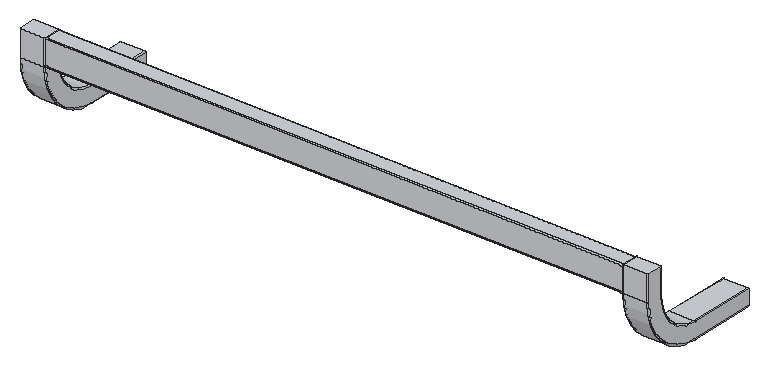
Revit family "Accessory-Towel_Bar-KOHLER-LOURE-K-11580T", category Specialty Equipment, host Face, Revit 2017
Family settings
  Host = Face
  Round Connector Dimension = Use Diameter
  Part Type = Normal
  OmniClass Number = 23.31.25.25
  OmniClass Title = Towel Bars
  Cut with Voids When Loaded = No
  Shared = No
  Room Calculation Point = No
Parameters (values of type "CP-Polished Chrome")
  Width = 17 127/128"  # constant formula
  WaterSense Certified = 1 = 0  # no
  URL = "http://www.kohler.com.cn/en/"
  Type = 1
  Product Page URL = "http://www.kohler.com.cn/product/K-11580T-CP/K-11580T-CP/"
  Product Name = "LOURE"  # constant formula
  Product Documentation Link = "http://files.kohler.com.cn/pdfs/loure_acc.pdf"
  Model = if(Type = 1, "K-11580T-CP", if(Type = 2, "K-11580T-2BL", "NA"))  # "K-11580T-CP"
  Material = "Premium Metal Construction"  # constant formula
  Master Format 2014 Name = "Toilet, Bath, and Laundry Accessories"  # constant formula
  Master Format 2014 = "10 28 00"  # constant formula
  Manufacturer Address = "158 Jiangchang 3rd Road Zhabei District Shanghai, 200436 China"  # constant formula
  Manufacturer = "KOHLER Co."  # constant formula
  Length = 2 133/256"  # constant formula
  Height = 3 189/256"  # constant formula
  Finish = Kohler-Metal-CP-Polished_Chrome
  Environmental Product Declaration = ""
  Description = "18 inch Tower Bar"  # constant formula
  Default Elevation = 42"
  Declare Label = ""
  Date Modified = "06/10/2020"  # constant formula
  Date Created = "06/10/2020"  # constant formula
  Copyright = "Copyright KOHLER Co."  # constant formula
  Contact Us = "http://www.kohler.com.cn/en/contact/contact-us/"
  Assembly Code = "C1030200"
  ADA Compliant = 1 = 0  # no
Types (3): name | Type | Product Page URL | Model | Finish
  (no name) | 1 | "http://www.kohler.com.cn/product/K-11580T-CP/K-11580T-CP/" | "K-11580T-CP" | Kohler-Metal-CP-Polished_Chrome
  CP-Polished Chrome | 1 | "http://www.kohler.com.cn/product/K-11580T-CP/K-11580T-CP/" | "K-11580T-CP" | Kohler-Metal-CP-Polished_Chrome
  2BL-Original Black | 2 | "http://www.kohler.com.cn/product/K-11580T-CP/K-11580T-2BL/" | "K-11580T-2BL" | Kohler-Metal-2BL-Original_Black
Reference planes (in)
  plane 1 "Center (Front/Back)": y = 0
  plane 2: z = 0
  plane 3 "Center (Left/Right)": x = 0
  plane 4: y = 1.01472
  plane 5: y = -2.72356
  plane 6: x = -8.99606
  plane 7: x = -9.375
  plane 8: x = -8.625
  plane 9: x = 8.99612
  plane 10: x = 9.375
  plane 11: x = 8.625
  plane 12: z = 2.51953
  plane 13: y = -2.21312
  plane 14: z = 0.51232
  plane 15: z = 1.75
Dimensions and locks (in)
  "Width": plane 6 to plane 9
  locked: plane 7 to plane 10 at 18.75
  "Height": plane 5 to plane 4
  "Length": plane 12 to plane 2
  aligned and locked: plane 2 to host face
  aligned and locked: level to host face
Automatic sketch dimensions
  host sketch curve to host sketch curve = 96"  (x2)
Nested families (in)
  nested 1: "K-11580T" at (0, 0, 0) x (-1, 0, 0) z (0, 0, 1), type "K-11580T"
Definition of nested family "K-11580T"
  Parameters (values of type "K-11580T")
    Material = none
  Reference planes (in)
    plane 1 "Center (Front/Back)": y = 0
    plane 2: z = 0
    plane 3 "Center (Left/Right)": x = 0
    plane 4: x = -8.99606
    plane 5: x = 8.99606
    plane 6: z = 2.51969
    plane 7: y = 2.72544
    plane 8: y = -1.01472
    plane 9: x = -9.375
    plane 10: x = -8.625
    plane 11: x = 9.375
    plane 12: x = 8.625
    plane 13: y = 2.21312
    plane 14: z = 0.51232
    plane 15: z = 1.75
  Forms (in)
    Sweep 1, solid, material <- "Material", detail levels medium+fine
      path origin (2.97995, -0.02492, 0) x (0, 1, 0) y (0, 0, 1)
        loop
          line (-0.99964, 0.24357) -> (1.00679, 0.24357)
          arc (1.00679, 0.24357) -> (2.06745, 0.68291) -> (2.50679, 1.74357) r 1.5
          line (2.50679, 1.74357) -> (2.50679, 2.51969)
      profile origin (2.97995, -1.02456, 0.24357) x (0, 0, 1) y (1, 0, 0)
        loop
          arc (0.26874, -11.62839) -> (0.26188, -11.61182) -> (0.24531, -11.60495) r 0.02344
          line (0.24531, -11.60495) -> (-0.22014, -11.60495)
          arc (-0.22014, -11.60495) -> (-0.23671, -11.61182) -> (-0.24357, -11.62839) r 0.02344
          line (-0.24357, -11.62839) -> (-0.24357, -12.33151)
          arc (-0.24357, -12.33151) -> (-0.23671, -12.34809) -> (-0.22014, -12.35495) r 0.02344
          line (-0.22014, -12.35495) -> (0.24531, -12.35495)
          arc (0.24531, -12.35495) -> (0.26188, -12.34809) -> (0.26874, -12.33151) r 0.02344
          line (0.26874, -12.33151) -> (0.26874, -11.62839)
    Extrusion 2, solid, material <- "Material", detail levels medium+fine
      sketch origin (0, 0, 0) x (0, 1, 0) y (0, 0, 1)
        loop
          arc (2.69544, 1.75) -> (2.71665, 1.75879) -> (2.72544, 1.78) r 0.03
          line (2.72544, 1.78) -> (2.72544, 2.48969)
          arc (2.72544, 2.48969) -> (2.71665, 2.5109) -> (2.69544, 2.51969) r 0.03
          line (2.69544, 2.51969) -> (2.24312, 2.51969)
          arc (2.24312, 2.51969) -> (2.22191, 2.5109) -> (2.21312, 2.48969) r 0.03
          line (2.21312, 2.48969) -> (2.21312, 1.78)
          arc (2.21312, 1.78) -> (2.22191, 1.75879) -> (2.24312, 1.75) r 0.03
          line (2.24312, 1.75) -> (2.69544, 1.75)
      from -8.625 to 8.625
    Sweep 3, solid, material <- "Material", detail levels medium+fine
      path origin (-3, -0.02492, 0) x (0, 1, 0) y (0, 0, -1)
        loop
          line (-0.99964, -0.24357) -> (1.00679, -0.24357)
          arc (1.00679, -0.24357) -> (2.06745, -0.68291) -> (2.50679, -1.74357) r 1.5
          line (2.50679, -1.74357) -> (2.50679, -2.51969)
      profile origin (-3, -1.02456, 0.24357) x (0, 0, -1) y (-1, 0, 0)
        loop
          line (-0.26874, -11.64844) -> (-0.26874, -12.35156)
          arc (-0.26874, -12.35156) -> (-0.26188, -12.36814) -> (-0.24531, -12.375) r 0.02344
          line (-0.24531, -12.375) -> (0.22014, -12.375)
          arc (0.22014, -12.375) -> (0.23671, -12.36814) -> (0.24357, -12.35156) r 0.02344
          line (0.24357, -12.35156) -> (0.24357, -11.64844)
          arc (0.24357, -11.64844) -> (0.23671, -11.63186) -> (0.22014, -11.625) r 0.02344
          line (0.22014, -11.625) -> (-0.24531, -11.625)
          arc (-0.24531, -11.625) -> (-0.26188, -11.63186) -> (-0.26874, -11.64844) r 0.02344
    Extrusion 4, solid, material <- "Material", detail levels coarse
      sketch origin (0, 0, 0) x (0, 1, 0) y (0, 0, 1)
        loop
          line (-1.01472, 0.51232) -> (-1.01472, 0) -> (2.72544, 0) -> (2.72544, 2.51969) -> (2.21312, 2.51969) -> (2.21312, 0.51232) -> (-1.01472, 0.51232)
      from 8.625 to 9.375
    Extrusion 5, solid, material <- "Material", detail levels coarse
      sketch origin (0, 0, 0) x (0, 1, 0) y (0, 0, -1)
        loop
          line (-1.01472, -0.51232) -> (2.21312, -0.51232) -> (2.21312, -2.51969) -> (2.72544, -2.51969) -> (2.72544, 0) -> (-1.01472, 0) -> (-1.01472, -0.51232)
      from 8.625 to 9.375
    Extrusion 6, solid, material <- "Material", detail levels coarse
      sketch origin (0, 0, 0) x (0, 1, 0) y (0, 0, 1)
        loop
          line (2.21312, 2.51969) -> (2.21312, 1.75) -> (2.72544, 1.75) -> (2.72544, 2.51969) -> (2.21312, 2.51969)
      from -9.375 to 9.375
  Cuts and joins
    joined: Sweep 1, Sweep 3
    joined: Extrusion 4, Extrusion 5, Extrusion 6
  Lines and regions (in)
    Masking region 1
      outline origin (0, 0, 0) x (0, 1, 0) y (0, 0, 1)
        loop
          line (-1.01472, 0) -> (0.99817, 0)
          arc (0.99817, 0) -> (2.23397, 0.52886) -> (2.72544, 1.78) r 1.74214
          line (2.72544, 1.78) -> (2.72544, 2.51969) -> (2.21312, 2.51969) -> (2.21312, 1.74357)
          arc (2.21312, 1.74357) -> (1.8525, 0.87294) -> (0.98187, 0.51232) r 1.23126
          line (0.98187, 0.51232) -> (-1.01472, 0.51232) -> (-1.01472, 0)
    Masking region 2
      outline origin (0, 0, 0) x (1, 0, 0) y (0, 1, 0)
        loop
          line (-9.375, 2.70415) -> (-9.375, -1.01472) -> (-8.625, -1.01472) -> (-8.625, 2.21312) -> (8.625, 2.21312) -> (8.625, -1.01472) -> (9.375, -1.01472) -> (9.375, 2.70415)
          arc (9.375, 2.70415) -> (9.36876, 2.7192) -> (9.35371, 2.72544) r 0.02129
          line (9.35371, 2.72544) -> (-9.35371, 2.72544)
          arc (-9.35371, 2.72544) -> (-9.36876, 2.7192) -> (-9.375, 2.70415) r 0.02129
    Masking region 3
      outline origin (0, 0, 0) x (1, 0, 0) y (0, 0, 1)
        loop
          line (-9.375, 2.51969) -> (-9.375, 0.02459)
          arc (-9.375, 0.02459) -> (-9.3678, 0.0072) -> (-9.35041, 0) r 0.02459
          line (-9.35041, 0) -> (-8.64862, 0)
          arc (-8.64862, 0) -> (-8.63192, 0.00692) -> (-8.625, 0.02362) r 0.02362
          line (-8.625, 0.02362) -> (-8.625, 1.75) -> (8.625, 1.75) -> (8.625, 0.02362)
          arc (8.625, 0.02362) -> (8.63192, 0.00692) -> (8.64862, 0) r 0.02362
          line (8.64862, 0) -> (9.35138, 0)
          arc (9.35138, 0) -> (9.36808, 0.00692) -> (9.375, 0.02362) r 0.02362
          line (9.375, 0.02362) -> (9.375, 2.51969) -> (-9.375, 2.51969)
    symbolic lines, detail levels medium+fine
      curve 1: line (-9.35495, 2.21312, 0) -> (-8.625, 2.21312, 0)
      curve 2: arc (-8.625, 2.23283, 0) -> (-8.63089, 2.21877, 0) -> (-8.64505, 2.21312, 0) r 0.0197
      curve 3: arc (-9.35495, 2.21312, 0) -> (-9.36911, 2.21877, 0) -> (-9.375, 2.23283, 0) r 0.0197
      curve 4: line (-9.35495, -1.01472, 0) -> (-9.35495, 2.21312, 0)
      curve 5: line (-8.64505, 2.21312, 0) -> (-8.64505, -1.01472, 0)
      curve 6: line (-8.625, 2.72544, 0) -> (-8.625, 2.21312, 0)
      curve 7: arc (-8.64669, 2.72544, 0) -> (-8.63135, 2.71909, 0) -> (-8.625, 2.70375, 0) r 0.02169
      curve 8: line (9.35495, 2.21312, 0) -> (8.625, 2.21312, 0)
      curve 9: arc (8.625, 2.23283, 0) -> (8.63089, 2.21877, 0) -> (8.64505, 2.21312, 0) r 0.0197
      curve 10: arc (9.35495, 2.21312, 0) -> (9.36911, 2.21877, 0) -> (9.375, 2.23283, 0) r 0.0197
      curve 11: line (9.35495, -1.01472, 0) -> (9.35495, 2.21312, 0)
      curve 12: line (8.64505, 2.21312, 0) -> (8.64505, -1.01472, 0)
      curve 13: line (8.625, 2.72544, 0) -> (8.625, 2.21312, 0)
      curve 14: arc (8.64669, 2.72544, 0) -> (8.63135, 2.71909, 0) -> (8.625, 2.70375, 0) r 0.02169
      curve 15: line (-9.35156, 0, 0.51232) -> (-9.35156, 0, 2.51969)
      curve 16: line (-8.64844, 0, 0.51232) -> (-8.64844, 0, 2.51969)
      curve 17: line (-8.64844, 0, 0.51232) -> (-9.35156, 0, 0.51232)
      curve 18: arc (-9.35156, 0, 0.51232) -> (-9.36814, 0, 0.50545) -> (-9.375, 0, 0.48888) r 0.02344
      curve 19: arc (-8.64844, 0, 0.51232) -> (-8.63186, 0, 0.50545) -> (-8.625, 0, 0.48888) r 0.02344
      curve 20: line (-8.625, 0, 1.75) -> (-8.625, 0, 2.51969)
      curve 21: line (9.35156, 0, 0.51232) -> (9.35156, 0, 2.51969)
      curve 22: line (8.64844, 0, 0.51232) -> (8.64844, 0, 2.51969)
      curve 23: line (8.64844, 0, 0.51232) -> (9.35156, 0, 0.51232)
      curve 24: arc (9.35156, 0, 0.51232) -> (9.36814, 0, 0.50545) -> (9.375, 0, 0.48888) r 0.02344
      curve 25: arc (8.64844, 0, 0.51232) -> (8.63186, 0, 0.50545) -> (8.625, 0, 0.48888) r 0.02344
      curve 26: line (8.625, 0, 1.75) -> (8.625, 0, 2.51969)
  Dimensions and locks (in)
    locked: plane 4 to plane 5 at 17.99213
    locked: plane 6 to plane 2 at 2.51969
    locked: plane 7 to plane 8 at 3.74016
    aligned and locked: plane 2 to level
